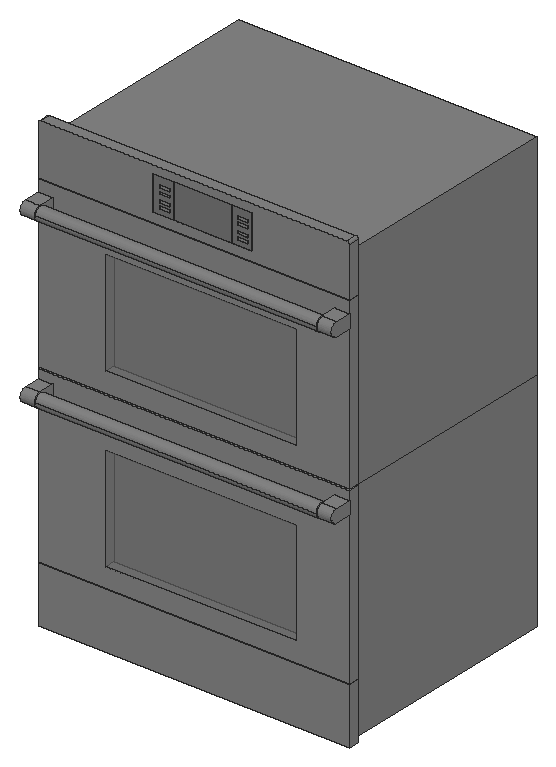
Revit family "DOC30M977D_Revit", category Specialty Equipment, Revit 2014
Parameters (values of type "DOC30M977D")
  Width = 29 3/4"
  WI FI ON/OFF = "YES"
  WI FI = "YES (REMOTE ENABLED)"
  VOLTS (V) = "240 / 208"
  Unit = Stainless Steel
  TYPE = "COMBINATION MICROWAVE/OVEN"
  Support = Plastic-Black
  STEAM HEATER = "500W"
  SOUND = "YES"
  SOFT CLOSE DOOR (OVEN) = "SOFTSHUT™"
  SABBATH MODE = "YES"
  POWER LEVEL = "950W"
  OVEN TYPE = "COMBINATION"
  OVEN COLORS = "SILVER STAINLESS STEEL GRAPHITE STAINLESS STEEL"
  OPTIONS = "YES"
  Model = "DOC30M977D"
  Manufacturer = "Dacor"
  LIMITED, PARTS AND LABOR = "1 YEAR"
  LIGHTING = "BRIGHTVUE™ AND RADIANTVUE™"
  LANGUAGE OPTIONS = "YES"
  LAMP ON/OFF = "YES"
  KITCHEN TIMER = "YES"
  INSTALLATION = "FLUSH"
  Height = 43 3/8"
  Handle = Stainless Steel
  Front Door = Glass
  FREQUENCY (HZ) = "60"
  ENERGY SOURCE = "ELECTRIC"
  ENERGY SAVING = "YES"
  Door = Stainless Steel
  Description = "30-INCH COMBI WALL OVEN MODERNIST COLLECTION"
  Depth = 23 1/8"
  DEMO MODE = "YES"
  DELAY START = "YES"
  COOKING MODES UPPER CAVITY = "BROIL - CONVECTION SEAR (POWER CONVECTION) - SPEED CONVECTION SEAR - SPEED BROIL"
  COOKING MODES LOWER CAVITY = "BAKE - BROIL - CONVECTION BAKE - CONVECTION ROAST - CONVECTION BROIL - FOUR PART PURE CONVECTION - PURE CONVECTION SEAR - STEAM BAKE - STEAM ROAST"
  COOKIE SHEETS (SET OF 3) = "SKU - ACSM303"
  CONVECTION TYPE = "FOUR PART DUAL PURE CONVECTION WITH MESH FILTER"
  CONVECTION ELEMENT = "1,300W (EACH - 2,600W TOTAL)"
  CONTROLS = "7” LCD"
  CLOCK YES = "(12 HR/24 HR)"
  CLOCK = "YES (12 HR/24 HR)"
  CLEANING TYPE = "SELF CLEAN GREENCLEAN™"
  CIRCUIT BREAKER (A) = "40"
  CHILD LOCK = "YES"
  BROIL ELEMENT = "4,400W - 10 PASS"
  BAKE ELEMENT = "3,000W - 8 PASS"
Reference planes (in)
  plane 1 "Center (Front/Back)": y = 0
  plane 2: z = 0
  plane 3 "Center (Left/Right)": x = 0
  plane 4: y = 11.5625
  plane 5: y = -11.5625
  plane 6: x = -14.875
  plane 7: x = 14.875
  plane 8: z = 43.375
  plane 9: y = -13.4375
  plane 10: x = -14.25
  plane 11: x = 14.25
  plane 12: z = 42
  plane 13: y = -10.5625
Forms (in)
  Extrusion 1, solid, material "Stainless Steel" <- "Door"
    sketch origin (0, 0, 0) x (1, 0, 0) y (0, 0, 1)
      loop
        arc (-14.625, 43.375) -> (-14.80178, 43.30178) -> (-14.875, 43.125) r 0.25
        line (-14.875, 43.125) -> (-14.875, 38.375) -> (14.875, 38.375) -> (14.875, 43.125)
        arc (14.875, 43.125) -> (14.80178, 43.30178) -> (14.625, 43.375) r 0.25
        line (14.625, 43.375) -> (-14.625, 43.375)
      loop
        line (-14.875, 0) -> (14.875, 0) -> (14.875, 5.375) -> (-14.875, 5.375) -> (-14.875, 0)
      loop
        line (-14.875, 38.29128) -> (-14.875, 22.21602) -> (14.875, 22.21602) -> (14.875, 38.29128) -> (-14.875, 38.29128)
      loop
        line (-14.875, 22.05205) -> (-14.875, 5.46027) -> (14.875, 5.46027) -> (14.875, 22.05205) -> (-14.875, 22.05205)
      loop
        line (-3.93135, 42.57927) -> (-3.93135, 39.32927) -> (5.56865, 39.32927) -> (5.56865, 42.57927) -> (-3.93135, 42.57927)
      loop
        line (-8.46772, 34.09629) -> (-8.46772, 24.09629) -> (9.78228, 24.09629) -> (9.78228, 34.09629) -> (-8.46772, 34.09629)
      loop
        line (-8.46772, 17.34629) -> (-8.46772, 7.34629) -> (9.78228, 7.34629) -> (9.78228, 17.34629) -> (-8.46772, 17.34629)
    from 10.5625 to 11.5625
  Extrusion 2, solid, material "Glass" <- "Front Door"
    sketch origin (0, 0, 0) x (1, 0, 0) y (0, 0, 1)
      loop
        line (-8.46772, 34.09629) -> (-8.46772, 24.09629) -> (9.78228, 24.09629) -> (9.78228, 34.09629) -> (-8.46772, 34.09629)
      loop
        line (-8.46772, 17.34629) -> (-8.46772, 7.34629) -> (9.78228, 7.34629) -> (9.78228, 17.34629) -> (-8.46772, 17.34629)
    from 10.5625 to 11.5625
  Extrusion 3, solid, material "Plastic-Black" <- "Support"
    sketch origin (0, 0, 0) x (1, 0, 0) y (0, 0, 1)
      loop
        line (-3.93135, 42.57927) -> (-3.93135, 39.32927) -> (-1.93135, 39.32927) -> (-1.93135, 42.57927) -> (-3.93135, 42.57927)
      loop
        line (5.56865, 39.32927) -> (5.56865, 42.57927) -> (3.61885, 42.57927) -> (3.61885, 39.32927) -> (5.56865, 39.32927)
      loop
        line (-3.30201, 41.83314) -> (-3.30201, 41.58314) -> (-2.30201, 41.58314) -> (-2.30201, 41.83314) -> (-3.30201, 41.83314)
      loop
        line (-3.30201, 41.28745) -> (-3.30201, 41.05862) -> (-2.30201, 41.05862) -> (-2.30201, 41.28745) -> (-3.30201, 41.28745)
      loop
        line (-3.30201, 40.58314) -> (-3.30201, 40.33314) -> (-2.30201, 40.33314) -> (-2.30201, 40.58314) -> (-3.30201, 40.58314)
      loop
        line (-3.30201, 40.03745) -> (-3.30201, 39.80862) -> (-2.30201, 39.80862) -> (-2.30201, 40.03745) -> (-3.30201, 40.03745)
      loop
        line (5.17701, 41.83314) -> (4.17701, 41.83314) -> (4.17701, 41.58314) -> (5.17701, 41.58314) -> (5.17701, 41.83314)
      loop
        line (5.17701, 41.28745) -> (4.17701, 41.28745) -> (4.17701, 41.05862) -> (5.17701, 41.05862) -> (5.17701, 41.28745)
      loop
        line (5.17701, 40.58314) -> (4.17701, 40.58314) -> (4.17701, 40.33314) -> (5.17701, 40.33314) -> (5.17701, 40.58314)
      loop
        line (5.17701, 40.03745) -> (4.17701, 40.03745) -> (4.17701, 39.80862) -> (5.17701, 39.80862) -> (5.17701, 40.03745)
    from 10.5625 to 11.5625
  Extrusion 4, solid, material "Plastic-Black" <- "Support"
    sketch origin (0, 0, 0) x (1, 0, 0) y (0, 0, 1)
      loop
        line (-1.93135, 42.57927) -> (-1.93135, 39.32927) -> (3.61885, 39.32927) -> (3.61885, 42.57927) -> (-1.93135, 42.57927)
    from 10.5625 to 11.5625
  Extrusion 5, solid, material "Stainless Steel" <- "Unit"
    sketch origin (0, 0, 0) x (1, 0, 0) y (0, 0, 1)
      loop
        line (-2.30201, 41.83314) -> (-3.30201, 41.83314) -> (-3.30201, 41.58314) -> (-2.30201, 41.58314) -> (-2.30201, 41.83314)
      loop
        line (-2.30201, 41.28745) -> (-3.30201, 41.28745) -> (-3.30201, 41.05862) -> (-2.30201, 41.05862) -> (-2.30201, 41.28745)
      loop
        line (-2.30201, 40.58314) -> (-3.30201, 40.58314) -> (-3.30201, 40.33314) -> (-2.30201, 40.33314) -> (-2.30201, 40.58314)
      loop
        line (-2.30201, 40.03745) -> (-3.30201, 40.03745) -> (-3.30201, 39.80862) -> (-2.30201, 39.80862) -> (-2.30201, 40.03745)
      loop
        line (5.17701, 41.58314) -> (5.17701, 41.83314) -> (4.17701, 41.83314) -> (4.17701, 41.58314) -> (5.17701, 41.58314)
      loop
        line (5.17701, 41.05862) -> (5.17701, 41.28745) -> (4.17701, 41.28745) -> (4.17701, 41.05862) -> (5.17701, 41.05862)
      loop
        line (5.17701, 40.33314) -> (5.17701, 40.58314) -> (4.17701, 40.58314) -> (4.17701, 40.33314) -> (5.17701, 40.33314)
      loop
        line (5.17701, 40.03745) -> (4.17701, 40.03745) -> (4.17701, 39.80862) -> (5.17701, 39.80862) -> (5.17701, 40.03745)
    from 10.5625 to 11.5625
  Extrusion 6, solid, material "Stainless Steel" <- "Handle"
    sketch origin (0, 0, -8.375) x (0, 1, 0) y (0, 0, 1)
      loop
        line (-11.5625, 45.57204) -> (-13.13198, 45.57204)
        arc (-13.13198, 45.57204) -> (-13.76319, 44.94083) -> (-13.13198, 44.30962) r 0.63121
        line (-13.13198, 44.30962) -> (-11.5625, 44.30962) -> (-11.5625, 45.57204)
    from 13.47663 to 14.875
  Extrusion 7, solid, material "Stainless Steel" <- "Handle"
    sketch origin (0, 0, -8.375) x (0, 1, 0) y (0, 0, -1)
      loop
        line (-11.5625, -45.57204) -> (-11.5625, -44.30962) -> (-13.13198, -44.30962)
        arc (-13.13198, -44.30962) -> (-13.76319, -44.94083) -> (-13.13198, -45.57204) r 0.63121
        line (-13.13198, -45.57204) -> (-11.5625, -45.57204)
    from 13.47663 to 14.875
  Extrusion 8, solid, material "Stainless Steel" <- "Handle"
    sketch origin (0, 0, -10.75) x (0, 1, 0) y (0, 0, 1)
      loop
        circle (-13.13198, 47.31583) r 0.63121
    from -13.47663 to 13.47663
  Extrusion 9, solid, material "Stainless Steel" <- "Handle"
    sketch origin (0, 0, -24.375) x (0, 1, 0) y (0, 0, 1)
      loop
        line (-11.5625, 45.57204) -> (-13.13198, 45.57204)
        arc (-13.13198, 45.57204) -> (-13.76319, 44.94083) -> (-13.13198, 44.30962) r 0.63121
        line (-13.13198, 44.30962) -> (-11.5625, 44.30962) -> (-11.5625, 45.57204)
    from 13.47663 to 14.875
  Extrusion 10, solid, material "Stainless Steel" <- "Handle"
    sketch origin (0, 0, -24.375) x (0, 1, 0) y (0, 0, -1)
      loop
        line (-11.5625, -45.57204) -> (-11.5625, -44.30962) -> (-13.13198, -44.30962)
        arc (-13.13198, -44.30962) -> (-13.76319, -44.94083) -> (-13.13198, -45.57204) r 0.63121
        line (-13.13198, -45.57204) -> (-11.5625, -45.57204)
    from 13.47663 to 14.875
  Extrusion 11, solid, material "Stainless Steel" <- "Handle"
    sketch origin (0, 0, -26.75) x (0, 1, 0) y (0, 0, 1)
      loop
        circle (-13.13198, 47.31583) r 0.63121
    from -13.47663 to 13.47663
  Extrusion 12, solid, material "Stainless Steel" <- "Unit"
    sketch origin (0, 0, 0) x (1, 0, 0) y (0, 0, 1)
      loop
        line (-14.25, 42) -> (-14.25, 21.61367) -> (14.25, 21.61367) -> (14.25, 42) -> (-14.25, 42)
    from -11.5625 to 10.5625
  Extrusion 13, solid, material "Stainless Steel" <- "Unit"
    sketch origin (0, 0, 0) x (1, 0, 0) y (0, 0, 1)
      loop
        line (-14.25, 0) -> (14.25, 0) -> (14.25, 21.61367) -> (-14.25, 21.61367) -> (-14.25, 0)
    from -11.5625 to 10.5625
Dimensions and locks (in)
  equal spacing: plane 6, plane 3 "Center (Left/Right)", plane 7
  "Width": plane 6 to plane 7
  equal spacing: plane 4, plane 1 "Center (Front/Back)", plane 5
  "Depth": plane 4 to plane 5
  "Height": plane 8 to plane 2
  plane 5 to plane 9 = 1 7/8"
  equal spacing: plane 10, plane 3 "Center (Left/Right)", plane 11
  plane 10 to plane 11 = 28 1/2"
  plane 12 to plane 2 = 42"
  locked: plane 13 to plane 5 at 1
  aligned and locked: level to plane 2
  aligned and locked: Extrusion 1 to plane 5
  aligned and locked: plane 13 to Extrusion 1
  aligned and locked: Extrusion 1 to Extrusion 2
Automatic sketch dimensions
  Extrusion 1 sketch curve to plane 6 = 0"  (x4)
  Extrusion 1 sketch curve to level = 0"
  Extrusion 1 sketch curve to plane 8 = 0"
  Extrusion 1 sketch curve to plane 7 = 0"  (x4)
  plane 6 to Extrusion 1 sketch curve = 1/4"
  plane 10 to Extrusion 1 sketch curve = 5.78228"  (x2)
  Extrusion 1 sketch curve to plane 3 "Center (Left/Right)" = 3.93135"
  plane 12 to Extrusion 1 sketch curve = 0.57927"
  plane 3 "Center (Left/Right)" to Extrusion 1 sketch curve = 5.56865"
  Extrusion 1 sketch curve to plane 11 = 4.46772"  (x2)
  Extrusion 1 sketch curve to Extrusion 1 sketch curve = 1/4"
  Extrusion 1 sketch curve to Extrusion 1 sketch curve = 5 3/8"
  Extrusion 1 sketch curve to Extrusion 1 sketch curve = 0.08527"
  Extrusion 1 sketch curve to Extrusion 1 sketch curve = 1.88602"
  Extrusion 1 sketch curve to Extrusion 1 sketch curve = 10"
  Extrusion 1 sketch curve to Extrusion 1 sketch curve = 4.70576"
  Extrusion 1 sketch curve to Extrusion 1 sketch curve = 0.16397"
  Extrusion 1 sketch curve to Extrusion 1 sketch curve = 1.88027"
  Extrusion 1 sketch curve to plane 12 = 7.90371"
  Extrusion 1 sketch curve to plane 12 = 3.70872"
  Extrusion 1 sketch curve to Extrusion 1 sketch curve = 0.08372"
  Extrusion 1 sketch curve to plane 12 = 2.67073"
  plane 10 to Extrusion 2 sketch curve = 5.78228"  (x2)
  Extrusion 2 sketch curve to plane 11 = 4.46772"  (x2)
  level to Extrusion 2 sketch curve = 7.34629"
  Extrusion 2 sketch curve to Extrusion 2 sketch curve = 10"
  Extrusion 2 sketch curve to Extrusion 2 sketch curve = 6 3/4"
  Extrusion 2 sketch curve to plane 12 = 7.90371"
  plane 12 to Extrusion 3 sketch curve = 0.57927"  (x2)
  Extrusion 3 sketch curve to plane 3 "Center (Left/Right)" = 3.93135"
  Extrusion 3 sketch curve to Extrusion 3 sketch curve = 0.62934"
  Extrusion 3 sketch curve to Extrusion 3 sketch curve = 0"  (x10)
  Extrusion 3 sketch curve to plane 12 = 0.16686"  (x2)
  Extrusion 3 sketch curve to plane 12 = 0.41686"
  Extrusion 3 sketch curve to Extrusion 3 sketch curve = 1"  (x3)
  Extrusion 3 sketch curve to Extrusion 3 sketch curve = 0.37066"
  plane 3 "Center (Left/Right)" to Extrusion 3 sketch curve = 3.61885"
  Extrusion 3 sketch curve to Extrusion 3 sketch curve = 0.55816"  (x2)
  Extrusion 3 sketch curve to Extrusion 3 sketch curve = 0.39165"
  Extrusion 3 sketch curve to Extrusion 3 sketch curve = 0.29569"  (x3)
  Extrusion 3 sketch curve to Extrusion 3 sketch curve = 0.54569"
  Extrusion 3 sketch curve to Extrusion 3 sketch curve = 0.22884"  (x4)
  Extrusion 3 sketch curve to Extrusion 3 sketch curve = 0.47547"  (x2)
  Extrusion 3 sketch curve to Extrusion 3 sketch curve = 1/4"  (x3)
  Extrusion 3 sketch curve to Extrusion 3 sketch curve = 0.47935"  (x2)
  Extrusion 4 sketch curve to plane 3 "Center (Left/Right)" = 1.93135"
  plane 3 "Center (Left/Right)" to Extrusion 4 sketch curve = 3.61885"
  Extrusion 4 sketch curve to plane 12 = 2.67073"
  plane 12 to Extrusion 4 sketch curve = 0.57927"
  Extrusion 5 sketch curve to plane 3 "Center (Left/Right)" = 3.30201"
  Extrusion 5 sketch curve to plane 12 = 0.41686"  (x2)
  Extrusion 5 sketch curve to Extrusion 5 sketch curve = 0"  (x12)
  Extrusion 5 sketch curve to Extrusion 5 sketch curve = 1"  (x2)
  Extrusion 5 sketch curve to plane 12 = 0.16686"  (x2)
  Extrusion 5 sketch curve to plane 12 = 1.96255"
  plane 3 "Center (Left/Right)" to Extrusion 5 sketch curve = 4.17701"
  Extrusion 5 sketch curve to Extrusion 5 sketch curve = 1.54569"
  Extrusion 5 sketch curve to Extrusion 5 sketch curve = 0.22884"  (x4)
  Extrusion 5 sketch curve to Extrusion 5 sketch curve = 0.29569"  (x2)
  Extrusion 5 sketch curve to Extrusion 5 sketch curve = 1/4"  (x2)
  Extrusion 5 sketch curve to Extrusion 5 sketch curve = 0.47547"  (x2)
  Extrusion 6 sketch curve to plane 5 = 0"
  Extrusion 6 sketch curve to plane 9 = 0.30552"
  Extrusion 6 sketch curve to plane 12 = 6.06538"
  Extrusion 6 sketch curve to Extrusion 6 sketch curve = 0.63121"
  Extrusion 7 sketch curve to plane 5 = 0"
  Extrusion 7 sketch curve to plane 9 = 0.30552"
  Extrusion 7 sketch curve to plane 12 = 4.80296"
  Extrusion 7 sketch curve to Extrusion 7 sketch curve = 0.63121"
  Extrusion 8 sketch curve to plane 9 = 0.30552"
  Extrusion 8 sketch curve to plane 12 = 5.43417"
  Extrusion 9 sketch curve to plane 5 = 0"
  Extrusion 9 sketch curve to plane 9 = 0.30552"
  level to Extrusion 9 sketch curve = 19.93462"
  Extrusion 9 sketch curve to Extrusion 9 sketch curve = 0.63121"
  Extrusion 10 sketch curve to plane 5 = 0"
  Extrusion 10 sketch curve to plane 9 = 0.30552"
  Extrusion 10 sketch curve to plane 12 = 20.80296"
  Extrusion 10 sketch curve to Extrusion 10 sketch curve = 0.63121"
  Extrusion 11 sketch curve to plane 9 = 0.30552"
  level to Extrusion 11 sketch curve = 20.56583"
  Extrusion 12 sketch curve to plane 10 = 0"
  Extrusion 12 sketch curve to plane 11 = 0"
  Extrusion 12 sketch curve to plane 12 = 0"
  Extrusion 12 sketch curve to plane 12 = 20.38633"
  Extrusion 13 sketch curve to plane 10 = 0"
  Extrusion 13 sketch curve to plane 11 = 0"
  Extrusion 13 sketch curve to plane 12 = 42"
  Extrusion 13 sketch curve to plane 12 = 20.38633"
  radius of Extrusion 8 sketch curve = 0.63121"
  radius of Extrusion 11 sketch curve = 0.63121"
